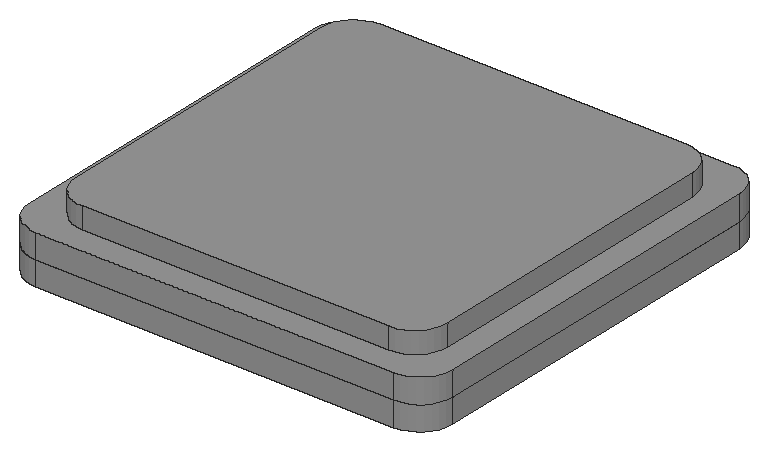
Revit family "FMS2_63_UN_Surface-mounted_ETK", category Lighting Fixtures, Revit 2019 (continued)
Definition of nested family "FMS.2 - Lightsource"
  Types (14, lengths in mm): name | Wattage Comments | Wattage | built-in parameter 1150134 | Photometric Web File | built-in parameter 1150142 | built-in parameter 1150105 | Lumens | built-in parameter 1150107 | built-in parameter 1150106 | Apparent Load
      502.1316\t501.1649\t500.1982\t499.3696\t498.4029\t497.5743\t496.6076\t495.779\t494.9504\r\n493.9837\t493.1551\t492.3265\t491.4979\t490.6693\t489.7026\t488.874\t488.0454\t487.2168\t486.3882\r\n485.5596\t484.731\t483.9024\t483.0738\t482.2452\t481.4166\t480.4499\t479.6213\t478.7927\t477.826\r\n476.9974\t475.3402\t473.1306\t470.7829\t468.5733\t466.3637\t464.016\t461.8064\t459.5968\t457.3872\r\n455.0395\t452.8299\t450.6203\t448.2726\t446.063\t443.8534\t441.6438\t439.2961\t437.0865\t434.7388\r\n432.3911\t430.1815\t427.8338\t425.6242\t423.2765\t421.0669\t418.7192\t416.3715\t414.1619\t411.8142\r\n409.6046\t407.1188\t403.8044\t400.6281\t397.3137\t394.1374\t390.9611\t387.6467\t384.4704\t381.2941\r\n377.9797\t374.8034\t371.489\t368.3127\t365.1364\t361.822\t358.6457\t355.3313\t352.155\t348.8406\r\n345.6643\t342.488\t339.1736\t335.9973\t332.6829\t329.5066\t326.1922\t323.0159\t319.7015\t316.5252\r\n313.3489\t310.0345\t306.3058\t302.439\t298.7103\t294.9816\t291.2529\t287.5242\t283.7955\t280.0668\r\n276.3381\t272.6094\t268.7426\t265.0139\t261.2852\t257.5565\t253.8278\t250.0991\t246.3704\t242.5036\r\n238.7749\t235.0462\t231.3175\t227.5888\t223.722\t219.9933\t216.2646\t212.5359\t208.8072\t205.0785\r\n201.2117\t197.483\t193.7543\t189.8875\t186.1588\t182.4301\t178.5633\t174.8346\t171.1059\t167.2391\r\n163.5104\t159.7817\t155.9149\t152.1862\t148.4575\t144.5907\t140.862\t137.0781\t133.3079\t129.524\r\n125.7539\t121.9699\t118.1998\t114.4158\t110.6457\t106.8618\t103.0917\t99.3077\t95.5376\t91.7675\r\n87.9835\t81.3961\t72.6406\t63.8851\t55.1433\t46.3878\t37.6322\t28.8767\t20.1212\t11.3629\r\n2.6073\t0\t0\t0\t0\t0\t0\t0\t0\t0\r\n0\t0\t0\t0\t0\t0\t0\t0\t0\t0\r\n0\r\n502.9602\t502.1316\t501.1649\t500.3363\t499.3696\t498.541\t497.5743\t496.7457\t495.9171\t495.0885\r\n494.2599\t493.4313\t492.6027\t491.9122\t491.0836\t490.255\t489.4264\t488.5978\t487.7692\t486.9406\r\n485.9739\t485.1453\t484.3167\t483.4881\t482.6595\t481.8309\t481.0023\t480.1737\t479.207\t478.3784\r\n477.5498\t476.7212\t474.5116\t472.1639\t469.9543\t467.6066\t465.397\t463.0493\t460.8397\t458.492\r\n456.2824\t454.0728\t451.7251\t449.5155\t447.1678\t444.9582\t442.6105\t440.4009\t438.0532\t435.8436\r\n433.4959\t431.2863\t428.9386\t426.5909\t424.3813\t422.0336\t419.6859\t417.4763\t415.1286\t412.7809\r\n410.4332\t408.2236\t405.5997\t402.4234\t399.109\t395.9327\t392.7564\t389.442\t386.1276\t382.9513\r\n379.6369\t376.4606\t373.1462\t369.9699\t366.6555\t363.4792\t360.1648\t356.8504\t353.6741\t350.3597\r\n347.1834\t343.869\t340.6927\t337.3783\t334.202\t330.8876\t327.7113\t324.3969\t321.0825\t317.9062\r\n314.5918\t311.4155\t308.1011\t304.3724\t300.6437\t296.7769\t293.0482\t289.3195\t285.4527\t281.724\r\n277.9953\t274.1285\t270.3998\t266.6711\t262.9424\t259.0756\t255.3469\t251.6182\t247.8895\t244.0227\r\n240.294\t236.4272\t232.6985\t228.9698\t225.103\t221.3743\t217.5075\t213.7788\t209.912\t206.1833\r\n202.4546\t198.5878\t194.8591\t190.9923\t187.2636\t183.5349\t179.6681\t175.9394\t172.0726\t168.3439\r\n164.4771\t160.7484\t157.0197\t153.1529\t149.4242\t145.5574\t141.8287\t138.0448\t134.2608\t130.4769\r\n126.6929\t122.909\t119.1251\t115.3411\t111.5572\t107.7732\t103.9893\t100.2192\t96.4352\t92.6513\r\n88.8673\t84.9867\t76.2036\t67.4066\t58.6235\t49.8265\t41.0433\t32.2463\t23.4632\t14.6662\r\n5.8762\t0\t0\t0\t0\t0\t0\t0\t0\t0\r\n0\t0\t0\t0\t0\t0\t0\t0\t0\t0\r\n0\r\n502.9602\t502.1316\t501.1649\t500.3363\t499.5077\t498.541\t497.7124\t497.0219\t496.1933\t495.3647\r\n494.6742\t493.8456\t493.1551\t492.3265\t491.4979\t490.6693\t489.8407\t489.0121\t488.1835\t487.3549\r\n486.5263\t485.6977\t484.8691\t484.0405\t483.2119\t482.3833\t481.4166\t480.4499\t479.6213\t478.6546\r\n477.6879\t476.8593\t475.7545\t473.5449\t471.3353\t468.9876\t466.778\t464.5684\t462.2207\t460.0111\r\n457.8015\t455.4538\t453.2442\t450.8965\t448.5488\t446.3392\t443.9915\t441.7819\t439.4342\t437.0865\r\n434.7388\t432.5292\t430.1815\t427.8338\t425.4861\t423.1384\t420.7907\t418.443\t416.0953\t413.6095\r\n411.2618\t408.9141\t406.5664\t404.2187\t401.0424\t397.8661\t394.5517\t391.3754\t388.061\t384.8847\r\n381.5703\t378.2559\t374.9415\t371.7652\t368.4508\t365.1364\t361.822\t358.5076\t355.3313\t352.0169\r\n348.7025\t345.3881\t342.2118\t338.8974\t335.583\t332.2686\t329.0923\t325.7779\t322.4635\t319.2872\r\n315.9728\t312.6584\t309.344\t306.0296\t302.5771\t298.7103\t294.8435\t291.1148\t287.248\t283.5193\r\n279.6525\t275.9238\t272.057\t268.3283\t264.4615\t260.7328\t256.866\t252.9992\t249.2705\t245.4037\r\n241.675\t237.8082\t234.0795\t230.2127\t226.484\t222.6172\t218.8885\t215.0217\t211.293\t207.4262\r\n203.6975\t199.8307\t196.102\t192.2352\t188.5065\t184.6397\t180.7729\t177.0442\t173.1774\t169.4487\r\n165.5819\t161.8532\t158.1245\t154.2577\t150.529\t146.6622\t142.9335\t139.0667\t135.338\t131.5541\r\n127.7701\t123.9862\t120.2022\t116.4183\t112.6344\t108.8504\t105.0665\t101.2825\t97.4986\t93.7147\r\n89.9307\t86.1606\t81.0371\t72.2125\t63.3879\t54.5633\t45.7525\t36.9279\t28.1034\t19.2788\r\n10.4486\t1.6227\t0\t0\t0\t0\t0\t0\t0\t0\r\n0\t0\t0\t0\t0\t0\t0\t0\t0\t0\r\n0\r\n502.9602\t502.1316\t501.303\t500.3363\t499.5077\t498.8172\t497.9886\t497.2981\t496.4695\t495.779\r\n495.0885\t494.2599\t493.4313\t492.7408\t491.9122\t491.0836\t490.3931\t489.5645\t488.7359\t487.9073\r\n487.0787\t486.112\t485.2834\t484.3167\t483.4881\t482.5214\t481.6928\t480.8642\t479.8975\t479.0689\r\n478.1022\t477.1355\t476.1688\t475.2021\t472.9925\t470.7829\t468.4352\t466.2256\t463.8779\t461.6683\r\n459.3206\t457.111\t454.7633\t452.5537\t450.206\t447.8583\t445.5106\t443.0248\t440.6771\t438.3294\r\n435.9817\t433.634\t431.4244\t429.0767\t426.5909\t424.2432\t421.8955\t419.4097\t417.062\t414.5762\r\n412.2285\t409.7427\t407.395\t404.9092\t402.5615\t400.0757\t396.7613\t393.4469\t390.2706\t386.9562\r\n383.6418\t380.3274\t377.013\t373.6986\t370.3842\t367.0698\t363.7554\t360.441\t357.1266\t353.8122\r\n350.4978\t347.1834\t343.869\t340.5546\t337.2402\t333.9258\t330.6114\t327.297\t323.9826\t320.6682\r\n317.2157\t313.9013\t310.5869\t307.2725\t303.9581\t300.6437\t297.1912\t293.3244\t289.4576\t285.5908\r\n281.8621\t277.9953\t274.1285\t270.2617\t266.3949\t262.5281\t258.6613\t254.7945\t251.0658\t247.199\r\n243.3322\t239.4654\t235.7367\t231.8699\t228.0031\t224.2744\t220.4076\t216.5408\t212.8121\t208.9453\r\n205.0785\t201.3498\t197.483\t193.6162\t189.8875\t186.0207\t182.1539\t178.4252\t174.5584\t170.6916\r\n166.9629\t163.0961\t159.2293\t155.5006\t151.6338\t147.9051\t144.0383\t140.3096\t136.4842\t132.7003\r\n128.9163\t125.1324\t121.3485\t117.5645\t113.7806\t109.9967\t106.2265\t102.4426\t98.6724\t94.8885\r\n91.1184\t87.3483\t83.5781\t78.2889\t69.4367\t60.5707\t51.7185\t42.8662\t34.014\t25.1618\r\n16.3096\t7.4491\t0\t0\t0\t0\t0\t0\t0\t0\r\n0\t0\t0\t0\t0\t0\t0\t0\t0\t0\r\n0\r\n502.9602\t502.1316\t501.303\t500.4744\t499.6458\t498.9553\t498.2648\t497.5743\t496.8838\t496.1933\r\n495.5028\t494.6742\t493.9837\t493.1551\t492.4646\t491.636\t490.9455\t489.9788\t489.1502\t488.3216\r\n487.493\t486.5263\t485.6977\t484.8691\t483.9024\t483.0738\t482.1071\t481.1404\t480.3118\t479.3451\r\n478.3784\t477.4117\t476.445\t475.3402\t474.3735\t472.5782\t470.3686\t468.0209\t465.8113\t463.4636\r\n461.1159\t458.7682\t456.5586\t454.2109\t451.8632\t449.5155\t447.1678\t444.8201\t442.3343\t439.9866\r\n437.6389\t435.1531\t432.8054\t430.3196\t427.8338\t425.4861\t423.0003\t420.5145\t418.1668\t415.681\r\n413.1952\t410.7094\t408.2236\t405.7378\t403.252\t400.7662\t398.2804\t395.7946\t392.7564\t389.442\r\n386.1276\t382.8132\t379.3607\t376.0463\t372.5938\t369.2794\t365.8269\t362.5125\t359.1981\t355.7456\r\n352.4312\t349.1168\t345.6643\t342.3499\t338.8974\t335.583\t332.1305\t328.8161\t325.5017\t322.0492\r\n318.7348\t315.4204\t311.9679\t308.6535\t305.201\t301.8866\t298.4341\t295.1197\t291.6672\t287.9385\r\n284.0717\t280.2049\t276.3381\t272.4713\t268.4664\t264.5996\t260.7328\t256.866\t252.9992\t249.1324\r\n245.2656\t241.3988\t237.532\t233.6652\t229.7984\t225.9316\t222.0648\t218.198\t214.3312\t210.4644\r\n206.5976\t202.8689\t199.0021\t195.1353\t191.2685\t187.4017\t183.5349\t179.6681\t175.8013\t172.0726\r\n168.2058\t164.339\t160.6103\t156.7435\t153.0148\t149.148\t145.2812\t141.5525\t137.7548\t133.957\r\n130.1731\t126.3891\t122.619\t118.835\t115.0649\t111.2948\t107.5247\t103.7545\t99.9982\t96.2281\r\n92.4718\t88.7154\t84.9591\t81.2028\t76.7974\t67.9038\t59.0101\t50.1165\t41.2229\t32.3292\r\n23.4356\t14.5419\t5.6538\t0\t0\t0\t0\t0\t0\t0\r\n0\t0\t0\t0\t0\t0\t0\t0\t0\t0\r\n0\r\n502.9602\t502.1316\t501.4411\t500.6125\t499.922\t499.2315\t498.541\t497.9886\t497.2981\t496.6076\r\n495.9171\t495.2266\t494.398\t493.7075\t493.017\t492.1884\t491.3598\t490.5312\t489.7026\t488.7359\r\n487.9073\t487.0787\t486.2501\t485.2834\t484.4548\t483.4881\t482.5214\t481.5547\t480.588\t479.6213\r\n478.5165\t477.5498\t476.445\t475.4783\t474.3735\t473.2687\t472.1639\t470.2305\t467.8828\t465.6732\r\n463.3255\t460.9778\t458.492\t456.1443\t453.7966\t451.4489\t448.9631\t446.6154\t444.1296\t441.6438\r\n439.2961\t436.8103\t434.3245\t431.8387\t429.3529\t426.8671\t424.3813\t421.8955\t419.2716\t416.7858\r\n414.3\t411.8142\t409.1903\t406.5664\t404.0806\t401.4567\t398.8328\t396.347\t393.7231\t391.2373\r\n388.6134\t385.4371\t381.9846\t378.6702\t375.2177\t371.7652\t368.4508\t364.9983\t361.5458\t358.0933\r\n354.6408\t351.3264\t347.8739\t344.4214\t340.9689\t337.5164\t334.0639\t330.6114\t327.297\t323.8445\r\n320.392\t316.9395\t313.487\t310.0345\t306.7201\t303.2676\t299.8151\t296.3626\t293.0482\t289.5957\r\n286.2813\t282.8288\t279.1001\t275.0952\t271.2284\t267.2235\t263.3567\t259.3518\t255.485\t251.4801\r\n247.6133\t243.6084\t239.7416\t235.7367\t231.8699\t228.0031\t223.9982\t220.1314\t216.2646\t212.3978\r\n208.3929\t204.5261\t200.6593\t196.7925\t192.9257\t189.0589\t185.1921\t181.3253\t177.4585\t173.5917\r\n169.7249\t165.8581\t161.9913\t158.1245\t154.3958\t150.529\t146.8003\t142.9335\t139.2048\t135.3518\r\n131.5541\t127.7839\t124\t120.2299\t116.4597\t112.6896\t108.9333\t105.1632\t101.4206\t97.6643\r\n93.9218\t90.1793\t86.4368\t82.7081\t78.9656\t75.2369\t67.5585\t58.6235\t49.7022\t40.7671\r\n31.8321\t22.897\t13.9619\t5.0255\t0\t0\t0\t0\t0\t0\r\n0\t0\t0\t0\t0\t0\t0\t0\t0\t0\r\n0\r\n502.9602\t502.2697\t501.4411\t500.7506\t500.0601\t499.5077\t498.9553\t498.2648\t497.7124\t497.0219\r\n496.3314\t495.6409\t494.9504\t494.2599\t493.4313\t492.6027\t491.9122\t491.0836\t490.255\t489.4264\r\n488.4597\t487.6311\t486.8025\t485.8358\t484.8691\t483.9024\t482.9357\t481.969\t480.8642\t479.7594\r\n478.7927\t477.6879\t476.5831\t475.4783\t474.3735\t473.2687\t472.0258\t470.921\t469.6781\t467.8828\r\n465.5351\t463.1874\t460.8397\t458.3539\t456.0062\t453.5204\t451.0346\t448.5488\t446.2011\t443.7153\r\n441.2295\t438.7437\t436.1198\t433.634\t431.1482\t428.5243\t425.9004\t423.2765\t420.7907\t418.1668\r\n415.5429\t412.919\t410.4332\t407.8093\t405.1854\t402.4234\t399.7995\t397.1756\t394.4136\t391.7897\r\n389.0277\t386.4038\t383.6418\t381.0179\t378.2559\t374.8034\t371.3509\t367.8984\t364.4459\t360.9934\r\n357.4028\t353.9503\t350.4978\t346.9072\t343.4547\t339.8641\t336.4116\t332.821\t329.3685\t325.916\r\n322.4635\t318.8729\t315.4204\t311.9679\t308.3773\t304.9248\t301.4723\t297.8817\t294.4292\t290.9767\r\n287.3861\t283.9336\t280.4811\t277.0286\t273.5761\t269.9855\t266.1187\t262.1138\t258.1089\t254.104\r\n250.0991\t246.0942\t242.2274\t238.2225\t234.3557\t230.3508\t226.484\t222.4791\t218.4742\t214.4693\r\n210.6025\t206.5976\t202.7308\t198.7259\t194.8591\t190.8542\t186.9874\t183.1206\t179.1157\t175.2489\r\n171.3821\t167.5153\t163.6485\t159.7817\t155.9149\t152.1862\t148.3194\t144.4526\t140.7239\t136.9123\r\n133.1008\t129.303\t125.5053\t121.7213\t117.9374\t114.1673\t110.4109\t106.6546\t102.9259\t99.1972\r\n95.4823\t91.7675\t88.0526\t84.3515\t80.6504\t76.9493\t73.2621\t68.5114\t59.5073\t50.517\r\n41.5129\t32.5226\t23.5184\t14.5281\t5.5309\t0\t0\t0\t0\t0\r\n0\t0\t0\t0\t0\t0\t0\t0\t0\t0\r\n0\r\n502.9602\t502.2697\t501.5792\t500.8887\t500.3363\t499.7839\t499.2315\t498.6791\t498.1267\t497.5743\r\n496.8838\t496.1933\t495.5028\t494.8123\t493.9837\t493.2932\t492.4646\t491.636\t490.8074\t489.9788\r\n489.1502\t488.1835\t487.3549\t486.3882\t485.4215\t484.3167\t483.35\t482.2452\t481.1404\t480.1737\r\n479.0689\t477.9641\t476.8593\t475.6164\t474.3735\t473.1306\t471.8877\t470.6448\t469.4019\t468.0209\r\n466.6399\t465.2589\t463.3255\t460.9778\t458.492\t456.0062\t453.5204\t451.0346\t448.5488\t446.063\r\n443.4391\t440.8152\t438.3294\t435.7055\t433.0816\t430.5958\t427.9719\t425.348\t422.7241\t420.1002\r\n417.3382\t414.7143\t411.9523\t409.1903\t406.4283\t403.6663\t400.9043\t398.1423\t395.5184\t392.7564\r\n389.9944\t387.2324\t384.3323\t381.5703\t378.8083\t375.9082\t373.0081\t370.2461\t367.346\t364.1697\r\n360.5791\t356.9885\t353.536\t349.9454\t346.3548\t342.7642\t339.1736\t335.583\t331.9924\t328.4018\r\n324.8112\t321.2206\t317.7681\t314.1775\t310.5869\t306.9963\t303.2676\t299.677\t296.2245\t292.6339\r\n289.1814\t285.5908\t282.0002\t278.5477\t274.9571\t271.3665\t267.914\t264.3234\t260.8709\t257.2803\r\n253.4135\t249.4086\t245.2656\t241.2607\t237.2558\t233.2509\t229.246\t225.2411\t221.2362\t217.0932\r\n213.0883\t209.0834\t205.0785\t201.2117\t197.2068\t193.2019\t189.3351\t185.3302\t181.3253\t177.3204\r\n173.3155\t169.4487\t165.4438\t161.577\t157.7102\t153.7053\t149.8385\t146.1098\t142.243\t138.5143\r\n134.6751\t130.8912\t127.121\t123.3371\t119.5532\t115.783\t112.0129\t108.2704\t104.5279\t100.7992\r\n97.0843\t93.3832\t89.696\t86.0087\t82.3352\t78.6618\t74.9883\t71.3286\t67.6828\t61.5512\r\n52.478\t43.4186\t34.3455\t25.2723\t16.2129\t7.1329\t0\t0\t0\t0\r\n0\t0\t0\t0\t0\t0\t0\t0\t0\t0\r\n0\r\n502.9602\t502.2697\t501.7173\t501.0268\t500.6125\t500.1982\t499.6458\t499.0934\t498.6791\t497.9886\r\n497.4362\t496.7457\t496.0552\t495.3647\t494.6742\t493.8456\t493.1551\t492.3265\t491.4979\t490.6693\r\n489.8407\t488.874\t487.9073\t486.9406\t485.9739\t484.8691\t483.7643\t482.7976\t481.6928\t480.7261\r\n479.4832\t478.2403\t476.9974\t475.7545\t474.5116\t473.1306\t471.8877\t470.5067\t469.1257\t467.6066\r\n466.2256\t464.8446\t463.3255\t461.8064\t460.2873\t458.7682\t456.4205\t453.9347\t451.3108\t448.825\r\n446.2011\t443.7153\t441.0914\t438.6056\t435.8436\t433.2197\t430.4577\t427.6957\t424.9337\t422.3098\r\n419.4097\t416.6477\t413.8857\t411.1237\t408.3617\t405.5997\t402.6996\t399.7995\t396.8994\t393.9993\r\n391.2373\t388.1991\t385.4371\t382.537\t379.4988\t376.5987\t373.6986\t370.7985\t367.8984\t364.9983\r\n361.9601\t358.9219\t356.0218\t353.1217\t350.0835\t346.4929\t342.6261\t338.8974\t335.3068\t331.5781\r\n327.9875\t324.3969\t320.6682\t317.0776\t313.3489\t309.7583\t306.0296\t302.439\t298.7103\t294.9816\r\n291.2529\t287.6623\t284.0717\t280.4811\t276.7524\t273.1618\t269.4331\t265.8425\t262.2519\t258.6613\r\n255.0707\t251.4801\t247.8895\t244.1608\t240.5702\t236.7034\t232.6985\t228.5555\t224.4125\t220.4076\r\n216.2646\t212.2597\t208.1167\t203.9737\t199.9688\t195.8258\t191.8209\t187.816\t183.8111\t179.8062\r\n175.8013\t171.7964\t167.7915\t163.7866\t159.9198\t155.9149\t151.91\t148.0432\t144.0383\t140.1715\r\n136.3047\t132.4793\t128.6678\t124.87\t121.0861\t117.316\t113.5734\t109.8447\t106.1298\t102.4288\r\n98.7415\t95.068\t91.3946\t87.7349\t84.0753\t80.4433\t76.8112\t73.1792\t69.5748\t65.9704\r\n62.366\t55.7372\t46.5535\t37.3699\t28.1862\t19.0026\t9.8106\t0.6187\t0\t0\r\n0\t0\t0\t0\t0\t0\t0\t0\t0\t0\r\n0\r\n502.9602\t502.4078\t501.7173\t501.303\t500.8887\t500.4744\t500.0601\t499.6458\t499.0934\t498.541\r\n497.9886\t497.2981\t496.7457\t496.0552\t495.3647\t494.6742\t493.8456\t493.1551\t492.3265\t491.4979\r\n490.5312\t489.5645\t488.5978\t487.6311\t486.5263\t485.5596\t484.5929\t483.6262\t482.3833\t481.1404\r\n479.8975\t478.6546\t477.4117\t476.0307\t474.7878\t473.4068\t471.8877\t470.5067\t468.9876\t467.6066\r\n466.0875\t464.5684\t462.9112\t461.3921\t459.7349\t458.0777\t456.4205\t454.7633\t453.1061\t451.4489\r\n449.6536\t447.0297\t444.4058\t441.6438\t438.8818\t436.2579\t433.3578\t430.5958\t427.8338\t425.0718\r\n422.3098\t419.4097\t416.5096\t413.6095\t410.8475\t407.9474\t404.9092\t402.0091\t398.9709\t396.0708\r\n393.0326\t390.1325\t387.2324\t384.1942\t381.156\t378.1178\t375.0796\t372.0414\t369.0032\t365.8269\r\n362.7887\t359.6124\t356.5742\t353.536\t350.4978\t347.4596\t344.2833\t341.2451\t338.2069\t335.0306\r\n331.8543\t328.2637\t324.3969\t320.8063\t317.0776\t313.3489\t309.4821\t305.6153\t301.8866\t298.1579\r\n294.4292\t290.5624\t286.8337\t283.105\t279.2382\t275.5095\t271.7808\t268.0521\t264.3234\t260.5947\r\n256.866\t253.1373\t249.4086\t245.6799\t241.9512\t238.3606\t234.6319\t231.0413\t227.3126\t223.722\r\n219.9933\t215.9884\t211.8454\t207.7024\t203.5594\t199.2783\t195.1353\t190.9923\t186.9874\t182.8444\r\n178.7014\t174.6965\t170.5535\t166.5486\t162.5437\t158.4007\t154.3958\t150.3909\t146.386\t142.3811\r\n138.3762\t134.4818\t130.5321\t126.6101\t122.7709\t119.0146\t115.2583\t111.5296\t107.8147\t104.1136\r\n100.4125\t96.739\t93.0794\t89.4474\t85.8153\t82.1971\t78.6065\t75.0159\t71.4391\t67.89\r\n64.3408\t60.7916\t57.2701\t50.9865\t41.651\t32.3016\t22.9384\t13.5821\t4.2162\t0\r\n0\t0\t0\t0\t0\t0\t0\t0\t0\t0\r\n0\r\n502.9602\t502.4078\t501.8554\t501.4411\t501.1649\t500.8887\t500.4744\t500.0601\t499.6458\t499.0934\r\n498.541\t497.9886\t497.4362\t496.7457\t496.0552\t495.3647\t494.6742\t493.8456\t493.1551\t492.1884\r\n491.3598\t490.3931\t489.4264\t488.4597\t487.493\t486.5263\t485.4215\t484.3167\t483.0738\t481.8309\r\n480.588\t479.3451\t477.9641\t476.5831\t475.2021\t473.683\t472.302\t470.7829\t469.2638\t467.7447\r\n466.0875\t464.4303\t462.9112\t461.1159\t459.4587\t457.8015\t456.1443\t454.349\t452.5537\t450.6203\r\n448.6869\t446.7535\t444.8201\t442.8867\t440.9533\t438.8818\t436.9484\t434.3245\t431.4244\t428.6624\r\n425.7623\t422.8622\t419.9621\t416.9239\t414.0238\t410.9856\t408.0855\t405.0473\t402.1472\t399.109\r\n395.9327\t392.8945\t389.7182\t386.68\t383.5037\t380.3274\t377.1511\t374.1129\t370.9366\t367.7603\r\n364.584\t361.4077\t358.2314\t355.0551\t351.7407\t348.5644\t345.25\t342.0737\t338.8974\t335.583\r\n332.2686\t328.9542\t325.7779\t322.4635\t319.1491\t315.9728\t312.6584\t309.344\t306.0296\t302.1628\r\n298.4341\t294.5673\t290.7005\t286.8337\t282.9669\t279.1001\t275.2333\t271.3665\t267.4997\t263.6329\r\n259.7661\t255.8993\t252.1706\t248.3038\t244.4
